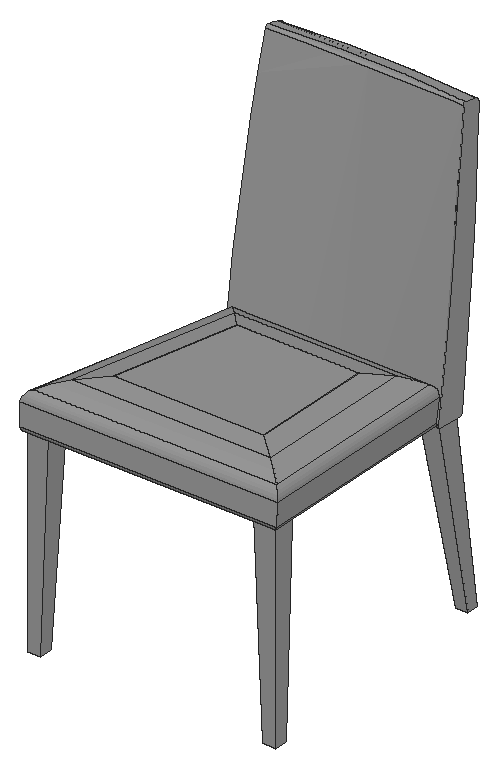
Revit family "Andreu World_Anna_SI1368", category Furniture, Revit 2013
Parameters (values of type "SI-1368")
  Wood = Andreu World Beech
  Width = 500 mm
  Upholstery Material = Andreu World Fabric
  URL = "http://www.andreuworld.com/"
  Seat Width = 470 mm
  Seat Height = 460 mm
  Reference = "SI-1368"
  Model = "Anna"
  Manufacturer = "Andreu World"
  Height = 875 mm
  Front Legs Height = 435 mm
  Description = "Chair with upholstered seat and backrest and solid beech wood frame. Low back, wider version."
  Depth = 565 mm
Reference planes
  plane 1 "Center (Front/Back)": y = 0
  plane 2: z = 0
  plane 3 "Center (Left/Right)": x = 0.072
  plane 4 "Seat Height": z = 460
  plane 5 "Height": z = 875
  plane 6 "Front Legs Height": z = 435
  plane 7 "Back Legs 01": z = 353.275
  plane 8 "Back Legs Height": z = 845
  plane 9 "Seat Base": through (0, 154.276, 353.275) normal (0, 0.0684, 0.9977)
  plane 10 "Seat Top": through (0, -483.101, 492.171) normal (0, -0.0684, -0.9977)
  plane 11: x = -280
  plane 12: x = 280.144
  plane 13: y = 282.5
  plane 14: y = -282.5
  plane 15: x = -249.928
  plane 16: x = 250.072
Forms (mm)
  Blend 1, solid, material "Andreu World Beech" <- "Wood", detail levels medium+fine
    base sketch origin (-11.433, -8.828, 0) x (-1, 0, 0) y (0, -1, 0)
      loop
        line (227.951, 265.797) -> (202.951, 265.797) -> (202.951, 240.797) -> (227.951, 240.797) -> (227.951, 265.797)
    top sketch origin (-11.433, -8.828, 0) x (-1, 0, 0) y (0, -1, 0)
      loop
        line (227.951, 265.797) -> (184.951, 265.797) -> (184.951, 222.797) -> (227.951, 222.797) -> (227.951, 265.797)
    from 0 to 435
  Blend 2, solid, material "Andreu World Beech" <- "Wood", detail levels medium+fine
    base sketch origin (-8.03, 17.105, 0) x (-1, 0, 0) y (0, -1, 0)
      loop
        line (196.335, -239.327) -> (196.335, -217.327) -> (174.335, -217.327) -> (174.335, -239.327) -> (196.335, -239.327)
    top sketch origin (-8.03, 17.105, 0) x (-1, 0, 0) y (0, -1, 0)
      loop
        line (191.448, -194.276) -> (191.448, -154.276) -> (151.448, -154.276) -> (151.448, -194.276) -> (191.448, -194.276)
    from 0 to 353.275
  Extrusion 3, solid, material "Andreu World Fabric" <- "Upholstery Material", detail levels medium+fine
    sketch origin (0, 24.814, 362.146) x (0, 0.997661, -0.06836) y (-1, 0, 0)
      loop
        line (48.654, 118.098) -> (-215.796, 145.074) -> (-215.796, -145.409) -> (48.654, -118.433) -> (48.654, 118.098)
    from 0 to 95
  Sweep 4, solid, material "Andreu World Fabric" <- "Upholstery Material", detail levels medium+fine
    path origin (0, 16.34, 362.727) x (0, 0.997661, -0.06836) y (-1, 0, 0)
      loop
        line (-207.302, 145.074) -> (-207.302, -145.409) -> (57.148, -118.433) -> (57.148, 118.098) -> (-207.302, 145.074)
    profile origin (0.168, -190.477, 376.898) x (0, 0.997661, -0.06836) y (0, 0.06836, 0.997661)
      loop
        arc (0, 94.923) -> (-21.565, 91.782) -> (-42.806, 86.909) r 269.507
        arc (-42.806, 86.909) -> (-62.607, 79.882) -> (-81.137, 69.977) r 140.306
        arc (-81.137, 69.977) -> (-90.528, 61.096) -> (-94.295, 48.732) r 25.254
        arc (-94.295, 48.732) -> (-94.404, 27.311) -> (-92.831, 5.948) r 272.453
        arc (-92.831, 5.948) -> (-91.008, 1.562) -> (-86.618, -0.254) r 6.212
        line (-86.618, -0.254) -> (0, -0.254) -> (0, 94.923)
  Sweep 5, solid, material "Andreu World Fabric" <- "Upholstery Material", detail levels medium+fine
    path origin (0.566, 17.854, 875) x (-1, 0, 0) y (0, -1, 0)
      loop
        arc (235, -247.331) -> (-0.072, -261.351) -> (-235.144, -247.331) r 1977.79
    profile origin (0.638, 279.204, 875) x (0, 1, 0) y (0, 0, 1)
      loop
        line (-3.389, -0.865) -> (-26.346, 3.248)
        arc (-26.346, 3.248) -> (-30.102, 2.418) -> (-32.157, -0.832) r 5
        arc (-32.157, -0.832) -> (-73.46, -258.072) -> (-109.667, -516.079) r 13170.069
        arc (-109.667, -516.079) -> (-108.466, -520.024) -> (-104.709, -521.725) r 5
        line (-104.709, -521.725) -> (-60.136, -521.725)
        arc (-60.136, -521.725) -> (-56.81, -520.458) -> (-55.169, -517.301) r 5
        line (-55.169, -517.301) -> (3.687, -10.39)
        arc (3.687, -10.39) -> (2.036, -4.226) -> (-3.389, -0.865) r 8.662
  Extrusion 6, void
    sketch origin (0, 0, 0) x (1, 0, 0) y (0, 0, 1)
      loop
        line (-315, 342.97) -> (-205.837, 342.97)
        arc (-205.837, 342.97) -> (-201.184, 637.822) -> (-184.626, 932.245) r 7300.311
        line (-184.626, 932.245) -> (-315, 932.245) -> (-315, 342.97)
    from -392.28 to -84.235
  Blend 7, solid, material "Andreu World Beech" <- "Wood", detail levels medium+fine
    base sketch origin (11.577, -8.828, 0) x (1, 0, 0) y (0, 1, 0)
      loop
        line (227.951, -265.797) -> (227.951, -240.797) -> (202.951, -240.797) -> (202.951, -265.797) -> (227.951, -265.797)
    top sketch origin (11.577, -8.828, 0) x (1, 0, 0) y (0, 1, 0)
      loop
        line (227.951, -265.797) -> (227.951, -222.797) -> (184.951, -222.797) -> (184.951, -265.797) -> (227.951, -265.797)
    from 0 to 435
  Blend 8, solid, material "Andreu World Beech" <- "Wood", detail levels medium+fine
    base sketch origin (8.174, 17.105, 0) x (1, 0, 0) y (0, 1, 0)
      loop
        line (196.335, 239.327) -> (174.335, 239.327) -> (174.335, 217.327) -> (196.335, 217.327) -> (196.335, 239.327)
    top sketch origin (8.174, 17.105, 0) x (1, 0, 0) y (0, 1, 0)
      loop
        line (191.448, 194.276) -> (151.448, 194.276) -> (151.448, 154.276) -> (191.448, 154.276) -> (191.448, 194.276)
    from 0 to 353.275
  Extrusion 9, void
    sketch origin (0, 0, 0) x (1, 0, 0) y (0, 0, 1)
      loop
        line (319.302, 353.275) -> (319.302, 942.551) -> (188.929, 942.551)
        arc (188.929, 942.551) -> (205.486, 648.127) -> (210.14, 353.275) r 7300.311
        line (210.14, 353.275) -> (319.302, 353.275)
    from -298.007 to -142.106
Cuts and joins
  Extrusion 6 cuts Blend 1
  Extrusion 6, Extrusion 9 cuts Sweep 5
  Extrusion 9 cuts Sweep 4
  Extrusion 9 cuts Blend 7
Lines and regions (mm)
  model lines, detail levels coarse+medium
    curve 1: line (-239.384, -274.625, 0) -> (-214.384, -274.625, 0)
    curve 2: line (-239.384, -249.625, 0) -> (-239.384, -274.625, 0)
    curve 3: line (-239.384, -249.625, 0) -> (-214.384, -249.625, 0)
    curve 4: line (-214.384, -249.625, 0) -> (-214.384, -274.625, 0)
    curve 5: line (-182.365, 234.432, 0) -> (-204.365, 234.432, 0)
    curve 6: line (-182.365, 256.432, 0) -> (-182.365, 234.432, 0)
    curve 7: line (-204.365, 256.432, 0) -> (-182.365, 256.432, 0)
    curve 8: line (-204.365, 234.432, 0) -> (-204.365, 256.432, 0)
    curve 9: line (207.848, 256.432, 0) -> (249.91, -274.173, 0)
    curve 10: line (249.91, -274.173, 0) -> (-248.01, -274.173, 0)
    curve 11: line (-248.01, -274.173, 0) -> (-208.459, 255.18, 0)
    curve 12: line (-216.907, 142.106, 0) -> (216.911, 142.106, 0)
    curve 13: arc (-199.908, 272.712, 0) -> (0.034, 282.529, 0) -> (199.97, 272.585, 0) r 2027.858
    curve 14: line (199.97, 272.585, 0) -> (207.848, 256.432, 0)
    curve 15: line (-199.908, 272.712, 0) -> (-208.459, 255.18, 0)
    curve 16: line (182.509, 234.432, 0) -> (204.509, 234.432, 0)
    curve 17: line (182.509, 256.432, 0) -> (182.509, 234.432, 0)
    curve 18: line (204.509, 256.432, 0) -> (182.509, 256.432, 0)
    curve 19: line (204.509, 234.432, 0) -> (204.509, 256.432, 0)
Dimensions and locks
  "Seat Height": plane 4 "Seat Height" to level
  "Height": plane 5 "Height" to level
  "Front Legs Height": plane 6 "Front Legs Height" to level
  locked: plane 5 "Height" to plane 8 "Back Legs Height" at 30
  plane 4 "Seat Height" to plane 6 "Front Legs Height" = 25 mm
  "Depth": plane 13 to plane 14
  equal spacing: plane 13, plane 1 "Center (Front/Back)", plane 14
  "Width": plane 15 to plane 16
  equal spacing: plane 15, plane 3 "Center (Left/Right)", plane 16
  aligned and locked: level to plane 2
  aligned and locked: Blend 1 sketch curve to var sketch  (x2)
  aligned and locked: Extrusion 3 to plane 10 "Seat Top"
  aligned and locked: curve 1 to cut or joined group of Blend 1, Extrusion 6
  aligned and locked: cut or joined group of Blend 1, Extrusion 6 to curve 2
  aligned and locked: curve 3 to cut or joined group of Blend 1, Extrusion 6
  aligned and locked: curve 4 to cut or joined group of Blend 1, Extrusion 6
  aligned and locked: Blend 2 to curve 5
  aligned and locked: curve 7 to Blend 2
  aligned and locked: Sweep 4 sketch curve to Extrusion 3  (x4)
  aligned and locked: Blend 7 sketch curve to var sketch  (x2)
  aligned and locked: curve 16 to Blend 8
  aligned and locked: curve 18 to Blend 8
Automatic sketch dimensions
  curve 11 to plane 15 = 1.918 mm
  plane 16 to curve 10 = 0.162 mm
  plane 14 to curve 10 = 8.327 mm
  curve 15 to plane 15 = 41.469 mm
  curve 11 to curve 7 = 4.094 mm
  curve 15 to plane 13 = 9.788 mm
  curve 7 to curve 15 = 4.457 mm
  curve 5 to curve 5 = 22 mm
  plane 16 to curve 18 = 67.563 mm
  curve 17 to curve 14 = 17.46 mm
  curve 13 to curve 19 = 4.54 mm
  curve 18 to curve 9 = 3.339 mm
  curve 12 to plane 15 = 33.021 mm
  curve 13 to plane 3 "Center (Left/Right)" = 0.682 mm
  plane 16 to curve 12 = 33.161 mm
  curve 15 to curve 7 = 1.252 mm
  curve 18 to curve 14 = 16.153 mm
  Blend 1 sketch curve to plane 14 = 7.875 mm
  plane 15 to Blend 1 sketch curve = 35.544 mm
  plane 15 to Blend 1 sketch curve = 10.544 mm
  Blend 1 sketch curve to plane 14 = 32.875 mm
  plane 15 to Blend 1 sketch curve = 53.544 mm
  Blend 1 sketch curve to plane 14 = 50.875 mm
  plane 13 to Blend 2 sketch curve = 26.068 mm
  plane 15 to Blend 2 sketch curve = 67.563 mm
  plane 13 to Blend 2 sketch curve = 48.068 mm
  Blend 2 sketch curve to Blend 2 sketch curve = 22 mm
  plane 15 to Blend 2 sketch curve = 90.45 mm
  plane 15 to Blend 2 sketch curve = 50.45 mm
  plane 13 to Blend 2 sketch curve = 111.12 mm
  Blend 2 sketch curve to Blend 2 sketch curve = 40 mm
  Extrusion 3 sketch curve to plane 15 = 104.854 mm
  plane 16 to Extrusion 3 sketch curve = 104.663 mm
  plane 3 "Center (Left/Right)" to Extrusion 3 sketch curve = 118.361 mm
  Extrusion 3 sketch curve to plane 3 "Center (Left/Right)" = 118.17 mm
  Extrusion 3 sketch curve to Extrusion 3 sketch curve = 264.45 mm
  Sweep 4 sketch curve to profile plane = 0 mm
  Sweep 4 sketch curve to profile plane = 0.254 mm
  Sweep 4 sketch curve to Sweep 4 sketch curve = 86.618 mm
  Sweep 4 sketch curve to Sweep 4 sketch curve = 7.677 mm
  profile plane to Sweep 4 sketch curve = 5.948 mm
  Sweep 4 sketch curve to Sweep 4 sketch curve = 6.212 mm
  Sweep 4 sketch curve to Sweep 4 sketch curve = 13.158 mm
  Sweep 4 sketch curve to Sweep 4 sketch curve = 12.078 mm
  Sweep 4 sketch curve to Sweep 4 sketch curve = 38.331 mm
  profile plane to Sweep 4 sketch curve = 5.914 mm
  Sweep 4 sketch curve to profile plane = 28.029 mm
  Sweep 4 sketch curve to profile plane = 177.889 mm
  profile plane to Sweep 4 sketch curve = 94.923 mm
  Sweep 4 sketch curve to profile plane = 173.123 mm
  Sweep 4 sketch curve to profile plane = 48.46 mm
  profile plane to Sweep 4 sketch curve = 36.63 mm
  plane 16 to Sweep 5 sketch curve = 14.362 mm
  plane 3 "Center (Left/Right)" to Sweep 5 sketch curve = 0.566 mm
  Sweep 5 sketch curve to plane 15 = 15.494 mm
  Sweep 5 sketch curve to plane 13 = 17.315 mm
  Sweep 5 sketch curve to plane 14 = 1416.085 mm
  profile plane to Sweep 5 sketch curve = 104.709 mm
  Sweep 5 sketch curve to plane 5 "Height" = 521.725 mm
  Sweep 5 sketch curve to Sweep 5 sketch curve = 44.573 mm
  Sweep 5 sketch curve to Sweep 5 sketch curve = 4.967 mm
  plane 5 "Height" to Sweep 5 sketch curve = 3.248 mm
  profile plane to Sweep 5 sketch curve = 26.346 mm
  Sweep 5 sketch curve to plane 5 "Height" = 0.865 mm
  profile plane to Sweep 5 sketch curve = 3.389 mm
  Sweep 5 sketch curve to profile plane = 3.687 mm
  Sweep 5 sketch curve to Sweep 5 sketch curve = 4.958 mm
  Sweep 5 sketch curve to Sweep 5 sketch curve = 0 mm  (x2)
  Sweep 5 sketch curve to plane 5 "Height" = 0.832 mm
  Sweep 5 sketch curve to Sweep 5 sketch curve = 5.811 mm
  profile plane to Sweep 5 sketch curve = 4.917 mm
  Sweep 5 sketch curve to plane 5 "Height" = 2217.241 mm
  Sweep 5 sketch curve to Sweep 5 sketch curve = 4.423 mm
  Sweep 5 sketch curve to plane 5 "Height" = 10.39 mm
  plane 7 "Back Legs 01" to Extrusion 6 sketch curve = 10.306 mm
  Extrusion 6 sketch curve to plane 11 = 35 mm
  plane 5 "Height" to Extrusion 6 sketch curve = 57.245 mm
  Extrusion 6 sketch curve to plane 15 = 44.091 mm
  Extrusion 6 sketch curve to Extrusion 6 sketch curve = 130.374 mm
  Extrusion 6 sketch curve to plane 7 "Back Legs 01" = 21.945 mm
  plane 14 to Blend 7 sketch curve = 7.875 mm
  plane 16 to Blend 7 sketch curve = 35.544 mm
  plane 16 to Blend 7 sketch curve = 10.544 mm
  plane 14 to Blend 7 sketch curve = 32.875 mm
  plane 16 to Blend 7 sketch curve = 53.544 mm
  plane 14 to Blend 7 sketch curve = 50.875 mm
  Blend 8 sketch curve to plane 13 = 26.068 mm
  plane 16 to Blend 8 sketch curve = 67.563 mm
  Blend 8 sketch curve to plane 13 = 48.068 mm
  Blend 8 sketch curve to Blend 8 sketch curve = 22 mm
  plane 16 to Blend 8 sketch curve = 90.45 mm
  plane 16 to Blend 8 sketch curve = 50.45 mm
  Blend 8 sketch curve to plane 13 = 111.12 mm
  Blend 8 sketch curve to Blend 8 sketch curve = 40 mm
  Extrusion 9 sketch curve to plane 7 "Back Legs 01" = 0 mm
  plane 16 to Extrusion 9 sketch curve = 61.143 mm
  plane 5 "Height" to Extrusion 9 sketch curve = 67.551 mm
  plane 3 "Center (Left/Right)" to Extrusion 9 sketch curve = 210.067 mm
  plane 12 to Extrusion 9 sketch curve = 39.158 mm
  Extrusion 9 sketch curve to plane 7 "Back Legs 01" = 32.251 mm
